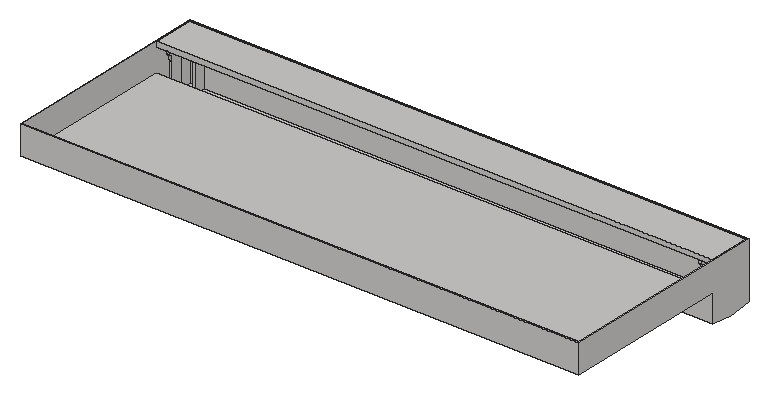
Revit family "PF_ST_RainTrak-E_ACO", category Plumbing Fixtures, Revit 2016 (continued)
Dimensions and locks
  aligned and locked: Extrusion 20 to cut or joined group 1 (Extrusion 1, Extrusion 2, Extrusion 3, Extrusion 4, Extrusion 5, Extrusion 6, Extrusion 7, Extrusion 8, Extrusion 9, Extrusion 10, Extrusion 11, Extrusion 12, Extrusion 13, Extrusion 14, Extrusion 15, Extrusion 16, Extrusion 17, Extrusion 18, Extrusion 19, Extrusion 20, Extrusion 21, Extrusion 22, Extrusion 23, Extrusion 24, Extrusion 25, Extrusion 26, Extrusion 27, Extrusion 28, Extrusion 29, Extrusion 30, Extrusion 31, Extrusion 32, Extrusion 33)
  aligned and locked: Extrusion 21 to cut or joined group 1
  aligned and locked: Extrusion 22 to cut or joined group 1
  aligned and locked: Extrusion 24 to cut or joined group 1
  aligned and locked: Extrusion 25 to cut or joined group 1
  aligned and locked: Extrusion 26 to cut or joined group 1
  aligned and locked: Extrusion 27 to cut or joined group 1
  aligned and locked: Extrusion 28 to cut or joined group 1
  aligned and locked: Extrusion 29 to cut or joined group 1
  aligned and locked: Extrusion 30 to cut or joined group 1
  aligned and locked: Extrusion 31 to cut or joined group 1
  aligned and locked: Extrusion 32 to cut or joined group 1
  aligned and locked: Extrusion 33 to cut or joined group 1
  aligned and locked: Extrusion 23 to cut or joined group 1
  aligned and locked: Extrusion 10 to plane 6 "connector_plane"
  aligned and locked: Extrusion 5 to plane 6 "connector_plane"
  aligned and locked: Extrusion 11 to plane 6 "connector_plane"
  aligned and locked: Extrusion 12 to plane 6 "connector_plane"
  aligned and locked: Extrusion 13 to plane 6 "connector_plane"
  aligned and locked: Extrusion 14 to plane 6 "connector_plane"
  aligned and locked: Extrusion 15 to plane 6 "connector_plane"
  aligned and locked: Extrusion 6 to plane 6 "connector_plane"
  aligned and locked: Extrusion 16 to plane 6 "connector_plane"
  aligned and locked: Extrusion 17 to plane 6 "connector_plane"
  aligned and locked: Extrusion 18 to plane 6 "connector_plane"
  aligned and locked: Extrusion 19 to plane 6 "connector_plane"
  aligned and locked: Extrusion 20 to plane 6 "connector_plane"
  aligned and locked: Extrusion 21 to plane 6 "connector_plane"
  aligned and locked: Extrusion 22 to plane 6 "connector_plane"
  aligned and locked: Extrusion 23 to plane 6 "connector_plane"
  aligned and locked: Extrusion 24 to plane 6 "connector_plane"
  aligned and locked: Extrusion 25 to plane 6 "connector_plane"
  aligned and locked: Extrusion 26 to plane 6 "connector_plane"
  aligned and locked: Extrusion 27 to plane 6 "connector_plane"
  aligned and locked: Extrusion 28 to plane 6 "connector_plane"
  aligned and locked: Extrusion 29 to plane 6 "connector_plane"
  aligned and locked: Extrusion 30 to plane 6 "connector_plane"
  aligned and locked: Extrusion 31 to plane 6 "connector_plane"
  aligned and locked: Extrusion 32 to plane 6 "connector_plane"
  aligned and locked: Extrusion 33 to plane 6 "connector_plane"
  aligned and locked: Extrusion 7 to plane 6 "connector_plane"
  aligned and locked: Extrusion 9 to plane 6 "connector_plane"
  aligned and locked: Extrusion 34 to Extrusion 1
  aligned and locked: Extrusion 34 to Extrusion 2  (x2)
  aligned and locked: Extrusion 2 to Extrusion 34
  aligned and locked: Extrusion 34 to cut or joined group 1
  aligned and locked: Extrusion 34 sketch curve to cut or joined group 1
  aligned and locked: Extrusion 34 to plane 3 "Center (Left/Right)"
Automatic sketch dimensions
  Extrusion 3 sketch curve to plane 5 = 0 mm
  Extrusion 3 sketch curve to plane 1 "Center (Front/Back)" = 0 mm
  Extrusion 3 sketch curve to plane 4 = 0 mm
  Extrusion 3 sketch curve to plane 5 = 300 mm
  Extrusion 3 sketch curve to level = 50 mm
  plane 6 "connector_plane" to Extrusion 3 sketch curve = 5.3 mm
  plane 6 "connector_plane" to Extrusion 3 sketch curve = 5.145 mm
  plane 6 "connector_plane" to Extrusion 3 sketch curve = 1.207 mm
  Extrusion 4 sketch curve to plane 5 = 0 mm
  Extrusion 4 sketch curve to plane 1 "Center (Front/Back)" = 0 mm
  Extrusion 4 sketch curve to plane 4 = 0 mm
  Extrusion 4 sketch curve to plane 5 = 300 mm
  plane 6 "connector_plane" to Extrusion 4 sketch curve = 5.3 mm
  plane 6 "connector_plane" to Extrusion 4 sketch curve = 5.145 mm
  plane 6 "connector_plane" to Extrusion 4 sketch curve = 1.207 mm
  Extrusion 34 sketch curve to plane 3 "Center (Left/Right)" = 0 mm
  plane 7 to Extrusion 34 sketch curve = 0 mm
  Extrusion 34 sketch curve to plane 4 = 2 mm
  Extrusion 1 sketch curve to plane 1 "Center (Front/Back)" = 0.121 mm
  Extrusion 2 sketch curve to plane 1 "Center (Front/Back)" = 0 mm  (x2)
  Extrusion 2 sketch curve to plane 10 = 2 mm
  Extrusion 2 sketch curve to plane 4 = 2 mm
  Extrusion 2 sketch curve to Extrusion 2 sketch curve = 1.207 mm
  plane 6 "connector_plane" to Extrusion 2 sketch curve = 4.148 mm
  Extrusion 2 sketch curve to plane 9 = 1.5 mm
  curve 1 to plane 6 "connector_plane" = 0 mm
  curve 30 to plane 6 "connector_plane" = 0 mm
  curve 2 to plane 6 "connector_plane" = 0 mm
  curve 29 to plane 6 "connector_plane" = 0 mm
  curve 3 to plane 6 "connector_plane" = 0 mm
  curve 28 to plane 6 "connector_plane" = 0 mm
  curve 4 to plane 6 "connector_plane" = 0 mm
  curve 27 to plane 6 "connector_plane" = 0 mm
  curve 5 to plane 6 "connector_plane" = 0 mm
  curve 26 to plane 6 "connector_plane" = 0 mm
  curve 6 to plane 6 "connector_plane" = 0 mm
  curve 25 to plane 6 "connector_plane" = 0 mm
  curve 7 to plane 6 "connector_plane" = 0 mm
  curve 24 to plane 6 "connector_plane" = 0 mm
  curve 8 to plane 6 "connector_plane" = 0 mm
  curve 23 to plane 6 "connector_plane" = 0 mm
  curve 9 to plane 6 "connector_plane" = 0 mm
  curve 22 to plane 6 "connector_plane" = 0 mm
  curve 10 to plane 6 "connector_plane" = 0 mm
  curve 21 to plane 6 "connector_plane" = 0 mm
  curve 11 to plane 6 "connector_plane" = 0 mm
  curve 20 to plane 6 "connector_plane" = 0 mm
  curve 12 to plane 6 "connector_plane" = 0 mm
  curve 19 to plane 6 "connector_plane" = 0 mm
  curve 13 to plane 6 "connector_plane" = 0 mm
  curve 18 to plane 6 "connector_plane" = 0 mm
  curve 14 to plane 6 "connector_plane" = 0 mm
  curve 17 to plane 6 "connector_plane" = 0 mm
  curve 15 to plane 6 "connector_plane" = 0 mm
  curve 16 to plane 6 "connector_plane" = 0 mm
  plane 6 "connector_plane" to curve 15 = 15 mm
  curve 16 to curve 15 = 0 mm
  curve 14 to curve 15 = 0 mm
  curve 17 to curve 14 = 0 mm
  curve 13 to curve 14 = 0 mm
  curve 18 to curve 13 = 0 mm
  curve 12 to curve 13 = 0 mm
  curve 19 to curve 12 = 0 mm
  curve 11 to curve 12 = 0 mm
  curve 20 to curve 11 = 0 mm
  curve 10 to curve 11 = 0 mm
  curve 21 to curve 10 = 0 mm
  curve 9 to curve 10 = 0 mm
  curve 22 to curve 9 = 0 mm
  curve 8 to curve 9 = 0 mm
  curve 23 to curve 8 = 0 mm
  curve 7 to curve 8 = 0 mm
  curve 24 to curve 7 = 0 mm
  curve 6 to curve 7 = 0 mm
  curve 25 to curve 6 = 0 mm
  curve 5 to curve 6 = 0 mm
  curve 26 to curve 5 = 0 mm
  curve 4 to curve 5 = 0 mm
  curve 27 to curve 4 = 0 mm
  curve 3 to curve 4 = 0 mm
  curve 28 to curve 3 = 0 mm
  curve 2 to curve 3 = 0 mm
  curve 29 to curve 2 = 0 mm
  plane 6 "connector_plane" to curve 1 = 15 mm
  curve 30 to curve 2 = 0 mm
  plane 1 "Center (Front/Back)" to Extrusion 5 sketch curve = 0 mm
  plane 1 "Center (Front/Back)" to Extrusion 6 sketch curve = 0 mm
  plane 1 "Center (Front/Back)" to Extrusion 7 sketch curve = 0 mm
  plane 1 "Center (Front/Back)" to Extrusion 8 sketch curve = 0 mm
  plane 1 "Center (Front/Back)" to Extrusion 9 sketch curve = 0 mm
  plane 1 "Center (Front/Back)" to Extrusion 10 sketch curve = 0 mm
  plane 1 "Center (Front/Back)" to Extrusion 11 sketch curve = 0 mm
  plane 1 "Center (Front/Back)" to Extrusion 12 sketch curve = 0 mm
  plane 1 "Center (Front/Back)" to Extrusion 13 sketch curve = 0 mm
  plane 1 "Center (Front/Back)" to Extrusion 14 sketch curve = 0 mm
  plane 1 "Center (Front/Back)" to Extrusion 15 sketch curve = 0 mm
  plane 1 "Center (Front/Back)" to Extrusion 16 sketch curve = 0 mm
  plane 1 "Center (Front/Back)" to Extrusion 17 sketch curve = 0 mm
  plane 1 "Center (Front/Back)" to Extrusion 18 sketch curve = 0 mm
  plane 1 "Center (Front/Back)" to Extrusion 19 sketch curve = 0 mm
  plane 1 "Center (Front/Back)" to Extrusion 20 sketch curve = 0 mm
  plane 1 "Center (Front/Back)" to Extrusion 21 sketch curve = 0 mm
  plane 1 "Center (Front/Back)" to Extrusion 22 sketch curve = 0 mm
  plane 1 "Center (Front/Back)" to Extrusion 23 sketch curve = 0 mm
  plane 1 "Center (Front/Back)" to Extrusion 24 sketch curve = 0 mm
  plane 1 "Center (Front/Back)" to Extrusion 25 sketch curve = 0 mm
  plane 1 "Center (Front/Back)" to Extrusion 26 sketch curve = 0 mm
  plane 1 "Center (Front/Back)" to Extrusion 27 sketch curve = 0 mm
  plane 1 "Center (Front/Back)" to Extrusion 28 sketch curve = 0 mm
  plane 1 "Center (Front/Back)" to Extrusion 29 sketch curve = 0 mm
  plane 1 "Center (Front/Back)" to Extrusion 30 sketch curve = 0 mm
  plane 1 "Center (Front/Back)" to Extrusion 31 sketch curve = 0 mm
  plane 1 "Center (Front/Back)" to Extrusion 32 sketch curve = 0 mm
  plane 1 "Center (Front/Back)" to Extrusion 33 sketch curve = 0 mm
Nested families
  nested 1: "gratings_RainTrak E" at (1.5, 0, 0), depth_C_ANZRS <- "depth_01_C_ANZRS", length_C_ANZRS <- "grating_length", width_C_ANZRS <- "width_C_ANZRS", grating_index <- "grating_index", type_index <- "type_index", type <- "gratings", type "Affiner_grating"
    with width_C_ANZRS 75 mm, type_index 1, solids_visible_1 yes, length_C_ANZRS 997 mm, grating_index 2, depth_C_ANZRS 105.3 mm
Connectors
  piping at (800, 0, -105.3), diameter 50.8, driven by "diameter_calculated"
    settings: on curve 1, index 1, connector inside diameter 609.6 mm, connector length 0 mm, flow factor 0, pipe flow 0.0 L/s, pressure drop 0.0 Pa, fitting loss kfactor 0, connector angle 0.00°, fixture units 0, engagement length 0 mm, angle of deflection 0.00°, flow configuration 0, flow direction 2, fitting loss method 0, system type 16, joint type 0, gender type 0, connector reference index -1, connector utility 0, adjustable connector no, is connector primary yes, connector description ""
  piping at (1100, 0, -105.3), diameter 50.8, driven by "diameter_calculated"
    settings: on curve 3, index 2, connector inside diameter 609.6 mm, connector length 0 mm, flow factor 0, pipe flow 0.0 L/s, pressure drop 0.0 Pa, fitting loss kfactor 0, connector angle 0.00°, fixture units 0, engagement length 0 mm, angle of deflection 0.00°, flow configuration 0, flow direction 2, fitting loss method 0, system type 16, joint type 0, gender type 0, connector reference index -1, connector utility 0, adjustable connector no, is connector primary no, connector description ""
  piping at (1100, 0, -105.3), diameter 50.8, driven by "diameter_calculated"
    settings: on curve 2, index 3, connector inside diameter 609.6 mm, connector length 0 mm, flow factor 0, pipe flow 0.0 L/s, pressure drop 0.0 Pa, fitting loss kfactor 0, connector angle 0.00°, fixture units 0, engagement length 0 mm, angle of deflection 0.00°, flow configuration 0, flow direction 2, fitting loss method 0, system type 16, joint type 0, gender type 0, connector reference index -1, connector utility 0, adjustable connector no, is connector primary no, connector description ""
  piping at (1100, 0, -105.3), diameter 50.8, driven by "diameter_calculated"
    settings: on curve 4, index 4, connector inside diameter 609.6 mm, connector length 0 mm, flow factor 0, pipe flow 0.0 L/s, pressure drop 0.0 Pa, fitting loss kfactor 0, connector angle 0.00°, fixture units 0, engagement length 0 mm, angle of deflection 0.00°, flow configuration 0, flow direction 2, fitting loss method 0, system type 16, joint type 0, gender type 0, connector reference index -1, connector utility 0, adjustable connector no, is connector primary no, connector description ""
  piping at (1100, 0, -105.3), diameter 50.8, driven by "diameter_calculated"
    settings: on curve 5, index 5, connector inside diameter 609.6 mm, connector length 0 mm, flow factor 0, pipe flow 0.0 L/s, pressure drop 0.0 Pa, fitting loss kfactor 0, connector angle 0.00°, fixture units 0, engagement length 0 mm, angle of deflection 0.00°, flow configuration 0, flow direction 2, fitting loss method 0, system type 16, joint type 0, gender type 0, connector reference index -1, connector utility 0, adjustable connector no, is connector primary no, connector description ""
  piping at (1100, 0, -105.3), diameter 50.8, driven by "diameter_calculated"
    settings: on curve 12, index 6, connector inside diameter 609.6 mm, connector length 0 mm, flow factor 0, pipe flow 0.0 L/s, pressure drop 0.0 Pa, fitting loss kfactor 0, connector angle 0.00°, fixture units 0, engagement length 0 mm, angle of deflection 0.00°, flow configuration 0, flow direction 2, fitting loss method 0, system type 16, joint type 0, gender type 0, connector reference index -1, connector utility 0, adjustable connector no, is connector primary no, connector description ""
  piping at (1100, 0, -105.3), diameter 50.8, driven by "diameter_calculated"
    settings: on curve 14, index 7, connector inside diameter 609.6 mm, connector length 0 mm, flow factor 0, pipe flow 0.0 L/s, pressure drop 0.0 Pa, fitting loss kfactor 0, connector angle 0.00°, fixture units 0, engagement length 0 mm, angle of deflection 0.00°, flow configuration 0, flow direction 2, fitting loss method 0, system type 16, joint type 0, gender type 0, connector reference index -1, connector utility 0, adjustable connector no, is connector primary no, connector description ""
  piping at (1100, 0, -105.3), diameter 50.8, driven by "diameter_calculated"
    settings: on curve 6, index 8, connector inside diameter 609.6 mm, connector length 0 mm, flow factor 0, pipe flow 0.0 L/s, pressure drop 0.0 Pa, fitting loss kfactor 0, connector angle 0.00°, fixture units 0, engagement length 0 mm, angle of deflection 0.00°, flow configuration 0, flow direction 2, fitting loss method 0, system type 16, joint type 0, gender type 0, connector reference index -1, connector utility 0, adjustable connector no, is connector primary no, connector description ""
  piping at (1100, 0, -105.3), diameter 50.8, driven by "diameter_calculated"
    settings: on curve 7, index 9, connector inside diameter 609.6 mm, connector length 0 mm, flow factor 0, pipe flow 0.0 L/s, pressure drop 0.0 Pa, fitting loss kfactor 0, connector angle 0.00°, fixture units 0, engagement length 0 mm, angle of deflection 0.00°, flow configuration 0, flow direction 2, fitting loss method 0, system type 16, joint type 0, gender type 0, connector reference index -1, connector utility 0, adjustable connector no, is connector primary no, connector description ""
  piping at (1100, 0, -105.3), diameter 50.8, driven by "diameter_calculated"
    settings: on curve 16, index 10, connector inside diameter 609.6 mm, connector length 0 mm, flow factor 0, pipe flow 0.0 L/s, pressure drop 0.0 Pa, fitting loss kfactor 0, connector angle 0.00°, fixture units 0, engagement length 0 mm, angle of deflection 0.00°, flow configuration 0, flow direction 2, fitting loss method 0, system type 16, joint type 0, gender type 0, connector reference index -1, connector utility 0, adjustable connector no, is connector primary no, connector description ""
  piping at (1100, 0, -105.3), diameter 50.8, driven by "diameter_calculated"
    settings: on curve 17, index 11, connector inside diameter 609.6 mm, connector length 0 mm, flow factor 0, pipe flow 0.0 L/s, pressure drop 0.0 Pa, fitting loss kfactor 0, connector angle 0.00°, fixture units 0, engagement length 0 mm, angle of deflection 0.00°, flow configuration 0, flow direction 2, fitting loss method 0, system type 16, joint type 0, gender type 0, connector reference index -1, connector utility 0, adjustable connector no, is connector primary no, connector description ""
  piping at (1100, 0, -105.3), diameter 50.8, driven by "diameter_calculated"
    settings: on curve 8, index 12, connector inside diameter 609.6 mm, connector length 0 mm, flow factor 0, pipe flow 0.0 L/s, pressure drop 0.0 Pa, fitting loss kfactor 0, connector angle 0.00°, fixture units 0, engagement length 0 mm, angle of deflection 0.00°, flow configuration 0, flow direction 2, fitting loss method 0, system type 16, joint type 0, gender type 0, connector reference index -1, connector utility 0, adjustable connector no, is connector primary no, connector description ""
  piping at (1100, 0, -105.3), diameter 50.8, driven by "diameter_calculated"
    settings: on curve 9, index 13, connector inside diameter 609.6 mm, connector length 0 mm, flow factor 0, pipe flow 0.0 L/s, pressure drop 0.0 Pa, fitting loss kfactor 0, connector angle 0.00°, fixture units 0, engagement length 0 mm, angle of deflection 0.00°, flow configuration 0, flow direction 2, fitting loss method 0, system type 16, joint type 0, gender type 0, connector reference index -1, connector utility 0, adjustable connector no, is connector primary no, connector description ""
  piping at (1100, 0, -105.3), diameter 50.8, driven by "diameter_calculated"
    settings: on curve 20, index 14, connector inside diameter 609.6 mm, connector length 0 mm, flow factor 0, pipe flow 0.0 L/s, pressure drop 0.0 Pa, fitting loss kfactor 0, connector angle 0.00°, fixture units 0, engagement length 0 mm, angle of deflection 0.00°, flow configuration 0, flow direction 2, fitting loss method 0, system type 16, joint type 0, gender type 0, connector reference index -1, connector utility 0, adjustable connector no, is connector primary no, connector description ""
  piping at (1100, 0, -105.3), diameter 50.8, driven by "diameter_calculated"
    settings: on curve 18, index 15, connector inside diameter 609.6 mm, connector length 0 mm, flow factor 0, pipe flow 0.0 L/s, pressure drop 0.0 Pa, fitting loss kfactor 0, connector angle 0.00°, fixture units 0, engagement length 0 mm, angle of deflection 0.00°, flow configuration 0, flow direction 2, fitting loss method 0, system type 16, joint type 0, gender type 0, connector reference index -1, connector utility 0, adjustable connector no, is connector primary no, connector description ""
  piping at (1100, 0, -105.3), diameter 50.8, driven by "diameter_calculated"
    settings: on curve 19, index 16, connector inside diameter 609.6 mm, connector length 0 mm, flow factor 0, pipe flow 0.0 L/s, pressure drop 0.0 Pa, fitting loss kfactor 0, connector angle 0.00°, fixture units 0, engagement length 0 mm, angle of deflection 0.00°, flow configuration 0, flow direction 2, fitting loss method 0, system type 16, joint type 0, gender type 0, connector reference index -1, connector utility 0, adjustable connector no, is connector primary no, connector description ""
  piping at (1100, 0, -105.3), diameter 50.8, driven by "diameter_calculated"
    settings: on curve 10, index 17, connector inside diameter 609.6 mm, connector length 0 mm, flow factor 0, pipe flow 0.0 L/s, pressure drop 0.0 Pa, fitting loss kfactor 0, connector angle 0.00°, fixture units 0, engagement length 0 mm, angle of deflection 0.00°, flow configuration 0, flow direction 2, fitting loss method 0, system type 16, joint type 0, gender type 0, connector reference index -1, connector utility 0, adjustable connector no, is connector primary no, connector description ""
  piping at (1100, 0, -105.3), diameter 50.8, driven by "diameter_calculated"
    settings: on curve 11, index 18, connector inside diameter 609.6 mm, connector length 0 mm, flow factor 0, pipe flow 0.0 L/s, pressure drop 0.0 Pa, fitting loss kfactor 0, connector angle 0.00°, fixture units 0, engagement length 0 mm, angle of deflection 0.00°, flow configuration 0, flow direction 2, fitting loss method 0, system type 16, joint type 0, gender type 0, connector reference index -1, connector utility 0, adjustable connector no, is connector primary no, connector description ""
  piping at (1100, 0, -105.3), diameter 50.8, driven by "diameter_calculated"
    settings: on curve 15, index 19, connector inside diameter 609.6 mm, connector length 0 mm, flow factor 0, pipe flow 0.0 L/s, pressure drop 0.0 Pa, fitting loss kfactor 0, connector angle 0.00°, fixture units 0, engagement length 0 mm, angle of deflection 0.00°, flow configuration 0, flow direction 2, fitting loss method 0, system type 16, joint type 0, gender type 0, connector reference index -1, connector utility 0, adjustable connector no, is connector primary no, connector description ""
  piping at (1100, 0, -105.3), diameter 50.8, driven by "diameter_calculated"
    settings: on curve 21, index 20, connector inside diameter 609.6 mm, connector length 0 mm, flow factor 0, pipe flow 0.0 L/s, pressure drop 0.0 Pa, fitting loss kfactor 0, connector angle 0.00°, fixture units 0, engagement length 0 mm, angle of deflection 0.00°, flow configuration 0, flow direction 2, fitting loss method 0, system type 16, joint type 0, gender type 0, connector reference index -1, connector utility 0, adjustable connector no, is connector primary no, connector description ""
  piping at (1100, 0, -105.3), diameter 50.8, driven by "diameter_calculated"
    settings: on curve 13, index 21, connector inside diameter 609.6 mm, connector length 0 mm, flow factor 0, pipe flow 0.0 L/s, pressure drop 0.0 Pa, fitting loss kfactor 0, connector angle 0.00°, fixture units 0, engagement length 0 mm, angle of deflection 0.00°, flow configuration 0, flow direction 2, fitting loss method 0, system type 16, joint type 0, gender type 0, connector reference index -1, connector utility 0, adjustable connector no, is connector primary no, connector description ""
  piping at (1100, 0, -105.3), diameter 50.8, driven by "diameter_calculated"
    settings: on curve 22, index 22, connector inside diameter 609.6 mm, connector length 0 mm, flow factor 0, pipe flow 0.0 L/s, pressure drop 0.0 Pa, fitting loss kfactor 0, connector angle 0.00°, fixture units 0, engagement length 0 mm, angle of deflection 0.00°, flow configuration 0, flow direction 2, fitting loss method 0, system type 16, joint type 0, gender type 0, connector reference index -1, connector utility 0, adjustable connector no, is connector primary no, connector description ""
  piping at (1100, 0, -105.3), diameter 50.8, driven by "diameter_calculated"
    settings: on curve 23, index 23, connector inside diameter 609.6 mm, connector length 0 mm, flow factor 0, pipe flow 0.0 L/s, pressure drop 0.0 Pa, fitting loss kfactor 0, connector angle 0.00°, fixture units 0, engagement length 0 mm, angle of deflection 0.00°, flow configuration 0, flow direction 2, fitting loss method 0, system type 16, joint type 0, gender type 0, connector reference index -1, connector utility 0, adjustable connector no, is connector primary no, connector description ""
  piping at (1100, 0, -105.3), diameter 50.8, driven by "diameter_calculated"
    settings: on curve 24, index 24, connector inside diameter 609.6 mm, connector length 0 mm, flow factor 0, pipe flow 0.0 L/s, pressure drop 0.0 Pa, fitting loss kfactor 0, connector angle 0.00°, fixture units 0, engagement length 0 mm, angle of deflection 0.00°, flow configuration 0, flow direction 2, fitting loss method 0, system type 16, joint type 0, gender type 0, connector reference index -1, connector utility 0, adjustable connector no, is connector primary no, connector description ""
  piping at (1100, 0, -105.3), diameter 50.8, driven by "diameter_calculated"
    settings: on curve 25, index 25, connector inside diameter 609.6 mm, connector length 0 mm, flow factor 0, pipe flow 0.0 L/s, pressure drop 0.0 Pa, fitting loss kfactor 0, connector angle 0.00°, fixture units 0, engagement length 0 mm, angle of deflection 0.00°, flow configuration 0, flow direction 2, fitting loss method 0, system type 16, joint type 0, gender type 0, connector reference index -1, connector utility 0, adjustable connector no, is connector primary no, connector description ""
  piping at (1100, 0, -105.3), diameter 50.8, driven by "diameter_calculated"
    settings: on curve 26, index 26, connector inside diameter 609.6 mm, connector length 0 mm, flow factor 0, pipe flow 0.0 L/s, pressure drop 0.0 Pa, fitting loss kfactor 0, connector angle 0.00°, fixture units 0, engagement length 0 mm, angle of deflection 0.00°, flow configuration 0, flow direction 2, fitting loss method 0, system type 16, joint type 0, gender type 0, connector reference index -1, connector utility 0, adjustable connector no, is connector primary no, connector description ""
  piping at (1100, 0, -105.3), diameter 50.8, driven by "diameter_calculated"
    settings: on curve 27, index 27, connector inside diameter 609.6 mm, connector length 0 mm, flow factor 0, pipe flow 0.0 L/s, pressure drop 0.0 Pa, fitting loss kfactor 0, connector angle 0.00°, fixture units 0, engagement length 0 mm, angle of deflection 0.00°, flow configuration 0, flow direction 2, fitting loss method 0, system type 16, joint type 0, gender type 0, connector reference index -1, connector utility 0, adjustable connector no, is connector primary no, connector description ""
  piping at (1100, 0, -105.3), diameter 50.8, driven by "diameter_calculated"
    settings: on curve 28, index 28, connector inside diameter 609.6 mm, connector length 0 mm, flow factor 0, pipe flow 0.0 L/s, pressure drop 0.0 Pa, fitting loss kfactor 0, connector angle 0.00°, fixture units 0, engagement length 0 mm, angle of deflection 0.00°, flow configuration 0, flow direction 2, fitting loss method 0, system type 16, joint type 0, gender type 0, connector reference index -1, connector utility 0, adjustable connector no, is connector primary no, connector description ""
  piping at (1100, 0, -105.3), diameter 50.8, driven by "diameter_calculated"
    settings: on curve 29, index 29, connector inside diameter 609.6 mm, connector length 0 mm, flow factor 0, pipe flow 0.0 L/s, pressure drop 0.0 Pa, fitting loss kfactor 0, connector angle 0.00°, fixture units 0, engagement length 0 mm, angle of deflection 0.00°, flow configuration 0, flow direction 2, fitting loss method 0, system type 16, joint type 0, gender type 0, connector reference index -1, connector utility 0, adjustable connector no, is connector primary no, connector description ""
  piping at (1100, 0, -105.3), diameter 50.8, driven by "diameter_calculated"
    settings: on curve 30, index 30, connector inside diameter 609.6 mm, connector length 0 mm, flow factor 0, pipe flow 0.0 L/s, pressure drop 0.0 Pa, fitting loss kfactor 0, connector angle 0.00°, fixture units 0, engagement length 0 mm, angle of deflection 0.00°, flow configuration 0, flow direction 2, fitting loss method 0, system type 16, joint type 0, gender type 0, connector reference index -1, connector utility 0, adjustable connector no, is connector primary no, connector description ""
Definition of nested family "gratings_RainTrak E"
  Parameters (values of type "Affiner_grating")
    width_C_ANZRS [instance] = 123 mm
    type_index [instance] = 1
    solids_visible_1 [instance] = not(grating_index = 3)  # yes
    length_C_ANZRS [instance] = 1180 mm
    grating_index [instance] = 2
    depth_C_ANZRS [instance] = 40 mm
    Type Comments = "Do not add in BOM"  # constant formula
    Model = "RainTrak"  # constant formula
    Manufacturer = "ACO"  # constant formula
  Types (2, lengths in mm): name | grating_index
    Affiner_grating | 2
    Linéaire_grating | 1
  Reference planes
    plane 1 "Center (Front/Back)": y = 0
    plane 2: z = 0
    plane 3 "Center (Left/Right)": x = 0
  Dimensions and locks
    aligned and locked: level to plane 2
    aligned and locked: plane 1 "Center (Front/Back)" to nested 1
    aligned and locked: plane 3 "Center (Left/Right)" to nested 1
  Nested families
    nested 1: "ZZZ_do not use_PF_ST_gratings for RainTrak E_ACO" at (0, 0, 0), depth_C_ANZRS <- "depth_C_ANZRS", length_C_ANZRS <- "length_C_ANZRS", width_C_ANZRS <- "width_C_ANZRS", grating_index <- "grating_index", type_index <- "type_index", type "std(nested)"
      with width_C_ANZRS 123 mm, type_index 1, solids_visible yes, product_index 2, net_mass_S_ANZRS 0.00 kg, material_C_ANZRS none, length_C_ANZRS 1180 mm, grating_index 2, description_C_ANZRS "Gratings for RainTrak", desc_uk "Gratings for RainTrak", depth_C_ANZRS 40 mm, depth_01_C_ANZRS 34.7 mm, code_gtin_C_ANZRS "-", code_article_C_ANZRS "-"
  Definition of nested family "ZZZ_do not use_PF_ST_gratings for RainTrak E_ACO"
    Parameters (values of type "std(nested)")
      width_C_ANZRS [instance] = 75 mm
      type_index [instance] = 1
      solids_visible [instance] = yes
      region_index = 1  # constant formula
      product_index [instance] = size_lookup(lookup_table_name, "pi", 0, type_index, grating_index)  # 1
      product_assortment_C_ANZRS = "RainTrak"  # constant formula
      net_mass_S_ANZRS [instance] = 0.00 kg
      material_C_ANZRS [instance] = none
      lookup_table_name = "RainTrak E"  # constant formula
      length_C_ANZRS [instance] = 1180 mm
      intended_use_C_ANZRS = if(region_index = 1, "Drainage systems", if(region_index = 2, "Entwässerungssysteme", if(region_index = 3, "Afvoersystemen", "0")))  # "Drainage systems"
      instructions_for_use = "www.acobuildline.com.au/product-support/downloads"
      installation_manual = "www.acobuildline.com.au/product-support/downloads"
      info_technical_C_ANZRS = "www.acobuildline.com.au/products/raintrak/"
      info_commercial_C_ANZRS = "www.acobuildline.com.au/product-support/downloads"
      grating_index [instance] = 1
      e-mail sales = "sales@acoaus.com.au"
      e-mail Technical = "sales@acoaus.com.au"
      diameter_C_ANZRS = 44 mm  # constant formula
      diameter_01_C_ANZRS = 35.4 mm  # constant formula
      description_C_ANZRS [instance] = if(region_index = 1, desc_uk, if(region_index = 2, desc_ge, if(region_index = 3, desc_nl, "0")))  # "Gratings for RainTrak"
      desc_uk [instance] = "Gratings for RainTrak"  # constant formula
      desc_nl = "-"  # constant formula
      desc_ge = "-"  # constant formula
      depth_C_ANZRS [instance] = 100 mm
      depth_01_C_ANZRS [instance] = depth_C_ANZRS - 5.3 mm  # 94.7 mm
      content_version_C_ANZRS = "1.0"  # constant formula
      content_creator_C_ANZRS = "ACO Technology Centre, INDIA"  # constant formula
      code_specification_URL_C_ANZRS = ""
      code_gtin_C_ANZRS [instance] = "-"  # constant formula
      code_article_C_ANZRS [instance] = "-"  # constant formula
      URL = "www.acobuildline.com.au"
      Telephone = " +61 2 4747 4000"  # constant formula
      Model = "RainTrak"  # constant formula
      Manufacturer = "ACO Pty Ltd"  # constant formula
      IfcExportType = "RECTANGULAR"  # constant formula
      IfcExportAs = "IfcGridType"  # constant formula
      IfcDescription = Description  # "Threshold door drainage"
      Fax = " +61 2 4747 4040"  # constant formula
      Description = "Threshold door drainage"  # constant formula
      Address = "134-140 Old Bathurst Road, Emu Plains, NSW 2750, Australia"  # constant formula
    Reference planes
      plane 1 "Center (Front/Back)": y = 0
      plane 2: z = 0
      plane 3 "Center (Left/Right)": x = 0
      plane 4: z = -9
    Forms (mm)
      Extrusion 1, solid, material <- "material_C_ANZRS", visible <- "solids_visible"
        sketch origin (0, 0, 0) x (1, 0, 0) y (0, 1, 0)
          loop
            line (0, 37.5) -> (0, -37.5) -> (1180, -37.5) -> (1180, 37.5) -> (0, 37.5)
        from 0 to -9
      Extrusion 2, solid, material <- "material_C_ANZRS", visible <- "solids_visible"
        sketch origin (1180, 24, 0.2) x (0, 1, 0) y (0, 0, -1)
          loop
            line (-61.5, 9.2) -> (13.5, 9.2) -> (13.5, 94.9) -> (-4.484, 94.9) -> (-4.484, 21.208)
            arc (-4.484, 21.208) -> (-20.89, 13.866) -> (-37.295, 21.208) r 22
            line (-37.295, 21.208) -> (-37.295, 94.9) -> (-56.725, 94.9) -> (-56.725, 25.793)
            arc (-56.725, 25.793) -> (-57.962, 19.292) -> (-61.5, 13.7) r 17.7
            line (-61.5, 13.7) -> (-61.5, 9.2)
        from 20.473 to 25.584
      Extrusion 3, solid, material <- "material_C_ANZRS", visible <- "solids_visible"
        sketch origin (45.584, 24, 0.2) x (0, 1, 0) y (0, 0, -1)
          loop
            line (-61.5, 9.2) -> (13.5, 9.2) -> (13.5, 94.9) -> (-4.484, 94.9) -> (-4.484, 21.208)
            arc (-4.484, 21.208) -> (-20.89, 13.866) -> (-37.295, 21.208) r 22
            line (-37.295, 21.208) -> (-37.295, 94.9) -> (-56.725, 94.9) -> (-56.725, 25.793)
            arc (-56.725, 25.793) -> (-57.962, 19.292) -> (-61.5, 13.7) r 17.7
            line (-61.5, 13.7) -> (-61.5, 9.2)
        from 20.473 to 25.584
    Dimensions and locks
      equal spacing: Extrusion 1 sketch curve, plane 1 "Center (Front/Back)", Extrusion 1 sketch curve
      "width_C_ANZRS": Extrusion 1 sketch curve to Extrusion 1 sketch curve
      "length_C_ANZRS": Extrusion 1 sketch curve to Extrusion 1 sketch curve
      locked: Extrusion 2 to Extrusion 2 at 5.111
      locked: Extrusion 1 to Extrusion 2 at 20.473
      locked: Extrusion 3 to Extrusion 3 at 5.111
      locked: Extrusion 3 to plane 3 "Center (Left/Right)" at 20
      locked: level to plane 4 at 9
      "depth_01_C_ANZRS": level to Extrusion 3 sketch curve
      locked: Extrusion 3 sketch curve to plane 4 at 4.666
      locked: Extrusion 3 sketch curve to Extrusion 1 at 26.666
      locked: Extrusion 3 sketch curve to plane 1 "Center (Front/Back)" at 3.11
      locked: level to Extrusion 3 at 13.666
      locked: Extrusion 2 sketch curve to plane 4 at 26.666
      locked: Extrusion 3 to plane 4 at 4.666
      locked: Extrusion 3 sketch curve to Extrusion 3 sketch curve at 32.812
      locked: Extrusion 2 sketch curve to Extrusion 2 sketch curve at 32.812
      "depth_01_C_ANZRS": level to Extrusion 2 sketch curve
      "diameter_01_C_ANZRS": diameter of Extrusion 3 sketch curve
      "diameter_01_C_ANZRS": diameter of Extrusion 3
      "diameter_C_ANZRS": diameter of Extrusion 2 sketch curve
      "diameter_01_C_ANZRS": diameter of Extrusion 2 sketch curve
      aligned and locked: level to plane 2
      aligned and locked: plane 3 "Center (Left/Right)" to Extrusion 1 sketch curve
      aligned and locked: level to Extrusion 1
      aligned and locked: Extrusion 2 sketch curve to Extrusion 2 sketch curve
      aligned and locked: Extrusion 2 sketch curve to Extrusion 1  (x2)
      aligned and locked: Extrusion 3 sketch curve to Extrusion 3 sketch curve
      aligned and locked: Extrusion 3 sketch curve to Extrusion 1  (x2)
      aligned and locked: plane 4 to Extrusion 1
      aligned and locked: Extrusion 3 sketch curve to plane 4
    Automatic sketch dimensions
      plane 4 to Extrusion 2 sketch curve = 0 mm
      Extrusion 2 sketch curve to Extrusion 2 sketch curve = 12.925 mm
      plane 1 "Center (Front/Back)" to Extrusion 2 sketch curve = 13.295 mm
      Extrusion 2 sketch curve to plane 1 "Center (Front/Back)" = 3.11 mm
      Extrusion 2 sketch curve to Extrusion 2 sketch curve = 4.5 mm
      Extrusion 3 sketch curve to Extrusion 3 sketch curve = 12.925 mm
      plane 1 "Center (Front/Back)" to Extrusion 3 sketch curve = 13.295 mm
      Extrusion 3 sketch curve to Extrusion 3 sketch curve = 4.5 mm
Types (3, lengths in mm): name | width_C_ANZRS | type_index | sill_depth01 | sill_depth | product_index | outlet_number | outlet_dia | min_end_dist | drain_position_calculated_4 | drain_position_calculated_3 | drain_position_calculated_2 | drain_position_calculated_1 | drain_position_30 | drain_position_29 | drain_position_28 | drain_position_27 | drain_position_26 | drain_position_25 | drain_position_24 | drain_position_23 | diameter_calculated | D1_calculated | D2_calculated | D3_calculated | description_C_ANZRS | depth_calculated02 | depth_03_C_ANZRS | depth_01_C_ANZRS | code_article_C_ANZRS | channel_depth | sill_length | sill_length_calculated | drain_position_1 | Assembly Code
  RainTrak-E-75mm width | 75 | 1 | 40 | 50 | 2 | 1 | 50 | 949.2 | 1100 | 1100 | 1100 | 800 | 6000 | 5800 | 5600 | 5400 | 5200 | 5000 | 4800 | 4400 | 50.8 | 50.8 | 50.8 | 50.8 | "ACO RainTrak-E 75mm wide with Affiner grate (nominal)" | 50 | 50 | 105.3 | "RTE75A" | 60 | 350 | 300 | 800 | ""
  RainTrak-E-100mm width | 100 | 2 | 40 | 50 | 4 | 4 | 78 | 911.1 | 600 | 400 | 233.35 | 100 | 6200 | 6000 | 5800 | 5600 | 5400 | 5200 | 5000 | 4800 | 88.9 | 63.5 | 88.9 | 88.9 | "ACO RainTrak-E 100mm wide with Affiner grate (nominal)" | 50 | 50 | 105.3 | "RTE100A" | 60 | 100 | 100 | 100 | ""
  RainTrak-E-123mm width | 123 | 3 | 65 | 70 | 6 | 3 | 150 | 898.4 | 1100 | 406.4 | 254 | 101.6 | 6000 | 5800 | 5600 | 5400 | 5200 | 5000 | 4800 | 4400 | 101.6 | 63.5 | 88.9 | 101.6 | "ACO RainTrak-E 123mm wide with Affiner grate (nominal)" | 70 | 70 | 125.3 | "RTE123A" | 55 | 1000 | 300 | 100 | "D2040300"
